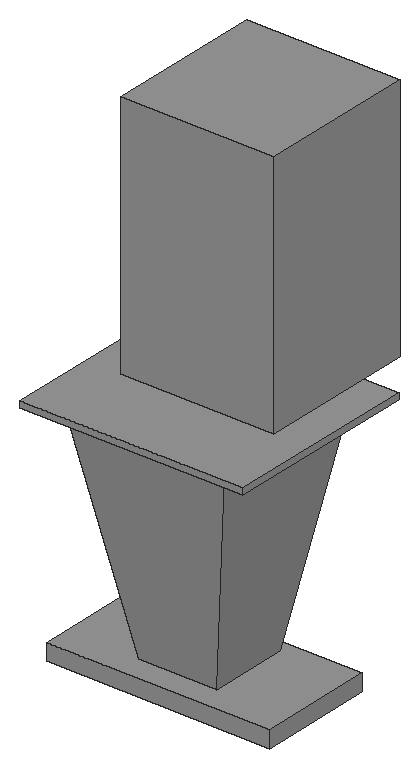
Revit family "AVLN_Щелевая лампа с приборным столом", category Мебель, Revit 2019
Family settings
  Номер OmniClass = 23.40.20.00
  Заголовок OmniClass = General Furniture and Specialties
  На основе рабочей плоскости = Нет
  Всегда вертикально = Да
  При загрузке вырезать с полостями = Нет
  Общий = Нет
  Точка расчета площади = Нет
Parameters
  Описание = "Щелевая лампа с приборным столом, 475х385х600. 230х145х80"
  М.основы = Металл, окрашенный, белый, матовый
  Type Comments = ""
  Keynote = ""
  Manufacturer = ""
  Группа модели = "Оборудование поликлиники"
  ADSK_Размер_Ширина = 470 mm
  ADSK_Размер_Длина = 540 mm
  ADSK_Размер_Высота = 1200 mm
  ADSK_Примечание [instance] = ""
  ADSK_Обозначение = ""
  ADSK_Наименование = ""
  ADSK_Масса = 0
  ADSK_Марка = ""
  ADSK_Код изделия = ""
  ADSK_Единица измерения = "шт"  # constant formula
Reference planes
  plane 1 "По центру (Вперед/Назад)": y = 0
  plane 2: z = 0
  plane 3 "По центру (Влево/Вправо)": x = 0
  plane 4: z = 1200
  plane 5: y = 235
  plane 6: x = 270
  plane 7: x = -270
  plane 8: y = -235
  plane 9: y = -375
Forms (mm)
  Extrusion 1, solid, material "Металл, окрашенный, белый, матовый" <- "М.основы"
    sketch origin (0, -518.993, 585) x (-1, 0, 0) y (0, -1, 0)
      loop
        line (270, -753.993) -> (270, -283.993) -> (-270, -283.993) -> (-270, -753.993) -> (270, -753.993)
    from 0 to 15
  Extrusion 2, solid, material "Металл, окрашенный, белый, матовый" <- "М.основы"
    sketch origin (0, -518.993, 592.976) x (-1, 0, 0) y (0, -1, 0)
      loop
        line (270, -643.993) -> (270, -363.993) -> (-270, -363.993) -> (-270, -643.993) -> (270, -643.993)
    from -592.976 to -552.976
  SweptBlend 3, solid, material "Металл, окрашенный, белый, матовый" <- "М.основы"
    path origin (0, 0, 0) x (1, 0, 0) y (0, 0, 1)
      loop
        line (0, 585) -> (0, 40)
    profile origin (0, 0, 585) x (0, -1, 0) y (1, 0, 0)
      loop
        line (-192.477, 192.396) -> (-192.477, -192.396) -> (192.477, -192.396) -> (192.477, 192.396) -> (-192.477, 192.396)
    end profile origin (0, 0, 40) x (0, -1, 0) y (1, 0, 0)
      loop
        line (-95, -95) -> (95, -95) -> (95, 95) -> (-95, 95) -> (-95, -95)
  Extrusion 4, solid, material "Металл, окрашенный, белый, матовый" <- "М.основы"
    sketch origin (0, -518.993, 592.976) x (-1, 0, 0) y (0, -1, 0)
      loop
        line (185, -483.613) -> (-185, -483.613) -> (-185, -863.613) -> (185, -863.613) -> (185, -483.613)
    from 7.024 to 607.024
Dimensions and locks
  plane 2 to plane 4 = 1200 mm
  equal spacing: plane 8, plane 1 "По центру (Вперед/Назад)", plane 5
  equal spacing: plane 7, plane 3 "По центру (Влево/Вправо)", plane 6
  "ADSK_Размер_Длина": plane 7 to plane 6
  "ADSK_Размер_Ширина": plane 5 to plane 8
  "ADSK_Размер_Высота": plane 2 to plane 4
  plane 8 to plane 9 = 140 mm
  plane 5 to plane 8 to plane 9 = 470 mm, 140 mm
  Extrusion 1 to Extrusion 1 to plane 4 = 15 mm locked, 600 mm locked
  locked: plane 5 to Extrusion 2 sketch curve at 110
  locked: plane 2 to Extrusion 2 at 40
  SweptBlend 3 sketch curve to SweptBlend 3 sketch curve = 384.954 mm
  locked: SweptBlend 3 sketch curve to SweptBlend 3 sketch curve at 384.791
  locked: SweptBlend 3 sketch curve to SweptBlend 3 sketch curve at 384.954
  SweptBlend 3 sketch curve to SweptBlend 3 sketch curve = 190 mm
  locked: SweptBlend 3 sketch curve to SweptBlend 3 sketch curve at 190  (x2)
  equal spacing: SweptBlend 3 sketch curve, plane 3 "По центру (Влево/Вправо)", SweptBlend 3 sketch curve  (x2)
  equal spacing: SweptBlend 3 sketch curve, plane 1 "По центру (Вперед/Назад)", SweptBlend 3 sketch curve  (x2)
  locked: Extrusion 2 sketch curve to plane 8 at 80
  Extrusion 4 sketch curve to plane 1 "По центру (Вперед/Назад)" to Extrusion 4 sketch curve = 35.38 mm locked, 344.62 mm locked
  equal spacing: Extrusion 4 sketch curve, plane 3 "По центру (Влево/Вправо)", Extrusion 4 sketch curve
  locked: Extrusion 4 sketch curve to Extrusion 4 sketch curve at 370
  aligned and locked: level to plane 2
  aligned and locked: Extrusion 1 sketch curve to plane 5
  aligned and locked: Extrusion 1 sketch curve to plane 7
  aligned and locked: Extrusion 1 sketch curve to plane 6
  aligned and locked: plane 8 to Extrusion 1 sketch curve
  aligned and locked: plane 7 to Extrusion 2 sketch curve
  aligned and locked: Extrusion 2 sketch curve to plane 6
  aligned and locked: Extrusion 2 to plane 2
  aligned and locked: Extrusion 1 to SweptBlend 3 sketch curve
  aligned and locked: Extrusion 2 to SweptBlend 3 sketch curve
  aligned and locked: plane 3 "По центру (Влево/Вправо)" to SweptBlend 3 sketch curve
  aligned and locked: Extrusion 4 to plane 4
  aligned and locked: Extrusion 4 to Extrusion 1
